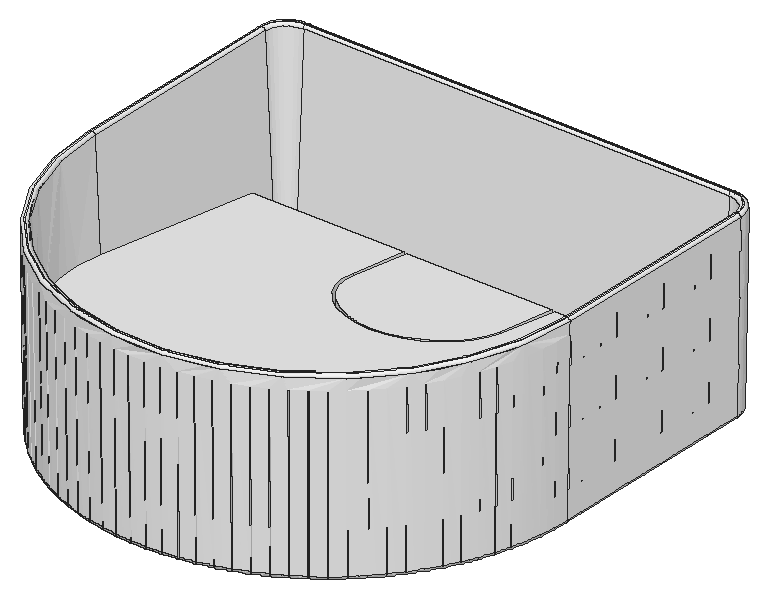
Revit family "Reece_Basin_LAUFEN_Sonar_Above Counter Basin_340 mm_Textured", category Plumbing Fixtures, host Face, Revit 2018
Family settings
  Host = Face
  Round Connector Dimension = Use Diameter
  Part Type = Normal
  Cut with Voids When Loaded = No
  Shared = Yes
  Room Calculation Point = Yes
Parameters
  WFU = 0  # constant formula
  URL = "https://www.reece.com.au/product/-9509855"
  Type Comments = "Basin"
  Reece_Waste_Outlet = 40 mm  # constant formula
  Reece_Product_Web Page = "https://www.reece.com.au/product/-9509855"
  Reece_Product_Type = "Basin"  # constant formula
  Reece_Product_Sub Brand = "Sonar"  # constant formula
  Reece_Product_Number = "9509855"
  Reece_Product_Mount = "Above Counter"
  Reece_Product_Description = "LAUFEN Sonar Textured Above Counter Basin 340mm x 340mm White"
  Reece_Product_Brand = "LAUFEN"  # constant formula
  Reece_Overall_Width = 340 mm  # constant formula
  Reece_Overall_Height = 140 mm  # constant formula
  Reece_Overall_Depth = 340 mm  # constant formula
  Reece_Overall_Capacity = 7.80 L  # constant formula
  Reece_Material-Main = Reece_SaphirKeramik_White
  Reece_Detail_Installation = "Countertop"  # constant formula
  Reece_Detail_Disclaimer = "THIS FILE IS THE PROPERTY OF THE REECE GROUP. IT MAY NOT BE REPRODUCED, REVERSE-ENGINEERED OR MODIFIED. ANY REPUBLICATION, TRANSMISSION OR DISTRIBUTION FOR THE PURPOSE OF COMMERCIALLY EXPLOITING THE FILES IS PROHIBITED."  # constant formula
  Reece_Detail_Connector = "No Taphole"  # constant formula
  Reece_Detail_Additional = "Above Counter Basin"  # constant formula
  Model = "Sonar"
  Manufacturer = "LAUFEN"
  Keynote = "Product #9509855, Reece_Basin_LAUFEN_Sonar_Above Counter Basin_340 mm_Textured -  "
  HWFU = 0  # constant formula
  Disclaimer = "THIS FILE IS THE PROPERTY OF THE REECE GROUP. IT MAY NOT BE REPRODUCED, REVERSE-ENGINEERED OR MODIFIED. ANY REPUBLICATION, TRANSMISSION OR DISTRIBUTION FOR THE PURPOSE OF COMMERCIALLY EXPLOITING THE FILES IS PROHIBITED."  # constant formula
  Description = "LAUFEN Sonar Textured Above Counter Basin 340mm x 340mm White"
  Default Elevation = 1000 mm
  CWFU = 0  # constant formula
Reference planes
  plane 1 "Center (Front/Back)": y = -88.392
  plane 2 "Bottom": z = 0
  plane 3 "Center (Left/Right)": x = 0
  plane 4 "Top": z = 130
  plane 5: y = 81.608
  plane 6: x = 170
  plane 7: x = -170
  plane 8: y = -258.392
  plane 9 "Center L/U": z = -10
  plane 10 "w": y = 1.608
  plane 11: z = 10
  plane 12: y = 78.608
  plane 13: y = 84.608
Forms (mm)
  Extrusion 1, void
    sketch origin (0, 0, 0) x (1, 0, 0) y (0, 1, 0)
      loop
        line (-165.478, 44.264) -> (-165.478, -89.343)
        arc (-165.478, -89.343) -> (0.592, -255.413) -> (166.662, -89.343) r 166.07
        line (166.662, -89.343) -> (166.662, 44.264) -> (-165.478, 44.264)
      loop
        line (-204.939, 81.608) -> (-204.939, -274.275) -> (208.625, -274.275) -> (208.625, 81.608) -> (-204.939, 81.608)
    from 0 to 135.562
  Extrusion 2, void
    sketch origin (0, 0.312, 0) x (1, 0, 0) y (0, 1, 0)
      loop
        circle (0.018, 0.823) r 23.022
      loop
        circle (0.018, 0.823) r 20.5
      loop
        circle (0, 1.295) r 32.846
    from 0 to -10
  Extrusion 3, void
    sketch origin (0, 0, 0) x (1, 0, 0) y (0, 1, 0)
      loop
        line (-53.133, 45.944) -> (-53.133, -1.172)
        arc (-53.133, -1.172) -> (-37.573, -38.73) -> (-0.01, -54.278) r 53.106
        arc (-0.01, -54.278) -> (37.521, -38.716) -> (53.065, -1.178) r 53.1
        line (53.065, -1.178) -> (53.065, 45.93)
        arc (53.065, 45.93) -> (52.488, 47.343) -> (51.088, 47.949) r 2.02
        line (51.088, 47.949) -> (51.088, -1.107)
        arc (51.088, -1.107) -> (36.126, -37.239) -> (0, -52.215) r 51.108
        arc (0, -52.215) -> (-36.152, -37.253) -> (-51.128, -1.107) r 51.108
        line (-51.128, -1.107) -> (-51.128, 47.949)
        arc (-51.128, 47.949) -> (-52.546, 47.362) -> (-53.133, 45.944) r 2.005
    from 31.925 to 68.592
  Revolve 4, solid, material "Reece_SaphirKeramik_White" <- "Reece_Material-Main"
    sketch origin (0, 0.58, -6.25) x (0, 1, 0) y (0, 0, 1)
      loop
        line (1.028, -3.75) -> (1.028, 16.267) -> (-38.08, 16.267) -> (-22.466, -3.75) -> (1.028, -3.75)
      axis (1.028, 16.267) -> (1.028, -3.75)
    angle from 0 to 360
  Revolve 5, void
    sketch origin (0, 0, 0) x (0, 1, 0) y (0, 0, 1)
      loop
        line (21.608, -10) -> (21.608, 31.925) -> (1.608, 31.925) -> (1.608, -10) -> (21.608, -10)
      axis (1.608, 31.925) -> (1.608, -10)
    angle from 0 to 360
  Extrusion 6, void
    sketch origin (0, 0, 0) x (0, 1, 0) y (0, 0, 1)
      loop
        line (-54.278, 31.925) -> (48.263, 31.925) -> (48.263, 33.925) -> (-54.278, 33.925) -> (-54.278, 31.925)
    from -53.133 to 53.065
  Extrusion 7, solid, material "Reece_SaphirKeramik_White" <- "Reece_Material-Main"
    sketch origin (0, 0, 0) x (1, 0, 0) y (0, 1, 0)
      loop
        line (-160.099, 70.582) -> (-161.245, -88.335)
        arc (-161.245, -88.335) -> (0, -249.58) -> (161.245, -88.335) r 161.245
        line (161.245, -88.335) -> (160.075, 70.582) -> (-160.099, 70.582)
    from 0 to 10
  Extrusion 8, solid, material "Reece_SaphirKeramik_White" <- "Reece_Material-Main"
    sketch origin (0, 0, 0) x (0, 1, 0) y (0, 0, 1)
      loop
        line (-256.615, 77.843) -> (-253.072, 10.234)
        arc (-253.072, 10.234) -> (-251.358, 6.517) -> (-247.557, 5) r 5.523
        line (-247.557, 5) -> (76.608, 5) -> (76.608, 31.011) -> (-256.615, 77.843)
    from -193.457 to 196.178
  Extrusion 9, void
    sketch origin (-1.084, 119.41, 0) x (1, 0, 0) y (0, 1, 0)
      loop
        line (-172.629, -57.325) -> (-166.449, -57.325) -> (-166.449, -56.525) -> (-172.629, -56.525) -> (-172.629, -57.325)
    from 0 to 120
  Extrusion 10, void
    sketch origin (86.989, -121.46, 0) x (-0.003367, -0.999994, 0) y (0.999994, -0.003367, 0)
      loop
        line (-206.263, 57.317) -> (-206.26, 56.517) -> (-200.26, 56.537) -> (-200.263, 57.337) -> (-206.263, 57.317)
    from 0 to 120
  Extrusion 11, void
    sketch origin (5.433, -2.138, 0) x (-0.707107, -0.707107, 0) y (0.707107, -0.707107, 0)
      loop
        line (-169.234, 57.325) -> (-169.234, 56.525) -> (-163.038, 56.525) -> (-163.038, 57.325) -> (-169.234, 57.325)
    from 0 to 120
  Extrusion 12, void
    sketch origin (-45.166, -145.317, 0) x (-1, 0, 0) y (0, -1, 0)
      loop
        line (-216.514, -57.325) -> (-212.218, -57.325) -> (-212.218, -56.525) -> (-216.514, -56.525) -> (-216.514, -57.325)
    from 0 to 120
  Revolve 13, void
    sketch origin (0, 1.608, 0) x (1, 0, 0) y (0, 0, 1)
      loop
        line (0, 0) -> (0, -100) -> (40, -100) -> (40, 0) -> (0, 0)
      axis (0, -100) -> (0, 0)
    angle from 0 to 360
  Sweep 14, solid, material "Reece_SaphirKeramik_White" <- "Reece_Material-Main"
    path origin (0, 0, 0) x (1, 0, 0) y (0, 1, 0)
      loop
        arc (170, 61.608) -> (164.142, 75.75) -> (150, 81.608) r 20
        line (150, 81.608) -> (-150, 81.608)
        arc (-150, 81.608) -> (-164.142, 75.75) -> (-170, 61.608) r 20
        line (-170, 61.608) -> (-170, -88.297)
        arc (-170, -88.297) -> (0, -258.297) -> (170, -88.297) r 170
        line (170, -88.297) -> (170, 61.608)
    profile origin (170, -13.345, 0) x (1, 0, 0) y (0, 0, 1)
      loop
        arc (0, 127.965) -> (-0.573, 129.402) -> (-2, 130) r 2
        line (-2, 130) -> (-2.886, 130)
        arc (-2.886, 130) -> (-4.262, 129.451) -> (-4.883, 128.105) r 2
        line (-4.883, 128.105) -> (-10.822, 14.738)
        arc (-10.822, 14.738) -> (-12.374, 11.373) -> (-15.816, 10) r 5
        line (-15.816, 10) -> (-17.634, 10) -> (-17.634, 0) -> (-4.198, 0)
        arc (-4.198, 0) -> (-2.796, 0.574) -> (-2.199, 1.965) r 2
        line (-2.199, 1.965) -> (0, 127.965)
  Extrusion 15, void
    sketch origin (45.166, -31.467, 0) x (1, 0, 0) y (0, 1, 0)
      loop
        line (-216.514, -57.325) -> (-212.218, -57.325) -> (-212.218, -56.525) -> (-216.514, -56.525) -> (-216.514, -57.325)
    from 0 to 120
  Extrusion 16, void
    sketch origin (-48.72, -142.307, 0) x (-0.997945, 0.06407, 0) y (-0.06407, -0.997945, 0)
      loop
        line (-216.514, -57.325) -> (-212.218, -57.325) -> (-212.218, -56.525) -> (-216.514, -56.525) -> (-216.514, -57.325)
    from 0 to 120
  Extrusion 17, void
    sketch origin (-52.075, -139.074, 0) x (-0.99179, 0.127877, 0) y (-0.127877, -0.99179, 0)
      loop
        line (-216.514, -57.325) -> (-212.218, -57.325) -> (-212.218, -56.525) -> (-216.514, -56.525) -> (-216.514, -57.325)
    from 0 to 120
  Extrusion 18, void
    sketch origin (-55.215, -135.634, 0) x (-0.981559, 0.191159, 0) y (-0.191159, -0.981559, 0)
      loop
        line (-216.514, -57.325) -> (-212.218, -57.325) -> (-212.218, -56.525) -> (-216.514, -56.525) -> (-216.514, -57.325)
    from 0 to 120
  Extrusion 19, void
    sketch origin (-58.128, -131.999, 0) x (-0.967295, 0.253655, 0) y (-0.253655, -0.967295, 0)
      loop
        line (-216.514, -57.325) -> (-212.218, -57.325) -> (-212.218, -56.525) -> (-216.514, -56.525) -> (-216.514, -57.325)
    from 0 to 120
  Extrusion 20, void
    sketch origin (-60.803, -128.185, 0) x (-0.949056, 0.315108, 0) y (-0.315108, -0.949056, 0)
      loop
        line (-216.514, -57.325) -> (-212.218, -57.325) -> (-212.218, -56.525) -> (-216.514, -56.525) -> (-216.514, -57.325)
    from 0 to 120
  Extrusion 21, void
    sketch origin (-63.227, -124.208, 0) x (-0.926917, 0.375267, 0) y (-0.375267, -0.926917, 0)
      loop
        line (-216.514, -57.325) -> (-212.218, -57.325) -> (-212.218, -56.525) -> (-216.514, -56.525) -> (-216.514, -57.325)
    from 0 to 120
  Extrusion 22, void
    sketch origin (-65.392, -120.083, 0) x (-0.900969, 0.433884, 0) y (-0.433884, -0.900969, 0)
      loop
        line (-216.514, -57.325) -> (-212.218, -57.325) -> (-212.218, -56.525) -> (-216.514, -56.525) -> (-216.514, -57.325)
    from 0 to 120
  Extrusion 23, void
    sketch origin (-67.288, -115.829, 0) x (-0.871319, 0.490718, 0) y (-0.490718, -0.871319, 0)
      loop
        line (-216.514, -57.325) -> (-212.218, -57.325) -> (-212.218, -56.525) -> (-216.514, -56.525) -> (-216.514, -57.325)
    from 0 to 120
  Extrusion 24, void
    sketch origin (-68.908, -111.461, 0) x (-0.838088, 0.545535, 0) y (-0.545535, -0.838088, 0)
      loop
        line (-216.514, -57.325) -> (-212.218, -57.325) -> (-212.218, -56.525) -> (-216.514, -56.525) -> (-216.514, -57.325)
    from 0 to 120
  Extrusion 25, void
    sketch origin (-70.244, -106.999, 0) x (-0.801414, 0.598111, 0) y (-0.598111, -0.801414, 0)
      loop
        line (-216.514, -57.325) -> (-212.218, -57.325) -> (-212.218, -56.525) -> (-216.514, -56.525) -> (-216.514, -57.325)
    from 0 to 120
  Extrusion 26, void
    sketch origin (-71.292, -102.46, 0) x (-0.761446, 0.648228, 0) y (-0.648228, -0.761446, 0)
      loop
        line (-216.514, -57.325) -> (-212.218, -57.325) -> (-212.218, -56.525) -> (-216.514, -56.525) -> (-216.514, -57.325)
    from 0 to 120
  Extrusion 27, void
    sketch origin (-72.047, -97.863, 0) x (-0.718349, 0.695683, 0) y (-0.695683, -0.718349, 0)
      loop
        line (-216.514, -57.325) -> (-212.218, -57.325) -> (-212.218, -56.525) -> (-216.514, -56.525) -> (-216.514, -57.325)
    from 0 to 120
  Extrusion 28, void
    sketch origin (-72.506, -93.228, 0) x (-0.672301, 0.740278, 0) y (-0.740278, -0.672301, 0)
      loop
        line (-216.514, -57.325) -> (-212.218, -57.325) -> (-212.218, -56.525) -> (-216.514, -56.525) -> (-216.514, -57.325)
    from 0 to 120
  Extrusion 29, void
    sketch origin (-72.667, -88.572, 0) x (-0.62349, 0.781831, 0) y (-0.781831, -0.62349, 0)
      loop
        line (-216.514, -57.325) -> (-212.218, -57.325) -> (-212.218, -56.525) -> (-216.514, -56.525) -> (-216.514, -57.325)
    from 0 to 120
  Extrusion 30, void
    sketch origin (-72.529, -83.916, 0) x (-0.572117, 0.820172, 0) y (-0.820172, -0.572117, 0)
      loop
        line (-216.514, -57.325) -> (-212.218, -57.325) -> (-212.218, -56.525) -> (-216.514, -56.525) -> (-216.514, -57.325)
    from 0 to 120
  Extrusion 31, void
    sketch origin (-72.093, -79.278, 0) x (-0.518393, 0.855143, 0) y (-0.855143, -0.518393, 0)
      loop
        line (-216.514, -57.325) -> (-212.218, -57.325) -> (-212.218, -56.525) -> (-216.514, -56.525) -> (-216.514, -57.325)
    from 0 to 120
  Extrusion 32, void
    sketch origin (-71.361, -74.678, 0) x (-0.462538, 0.886599, 0) y (-0.886599, -0.462538, 0)
      loop
        line (-216.514, -57.325) -> (-212.218, -57.325) -> (-212.218, -56.525) -> (-216.514, -56.525) -> (-216.514, -57.325)
    from 0 to 120
  Extrusion 33, void
    sketch origin (-70.336, -70.134, 0) x (-0.404783, 0.914413, 0) y (-0.914413, -0.404783, 0)
      loop
        line (-216.514, -57.325) -> (-212.218, -57.325) -> (-212.218, -56.525) -> (-216.514, -56.525) -> (-216.514, -57.325)
    from 0 to 120
  Extrusion 34, void
    sketch origin (-69.021, -65.665, 0) x (-0.345365, 0.938468, 0) y (-0.938468, -0.345365, 0)
      loop
        line (-216.514, -57.325) -> (-212.218, -57.325) -> (-212.218, -56.525) -> (-216.514, -56.525) -> (-216.514, -57.325)
    from 0 to 120
  Extrusion 35, void
    sketch origin (-67.424, -61.29, 0) x (-0.284528, 0.958668, 0) y (-0.958668, -0.284528, 0)
      loop
        line (-216.514, -57.325) -> (-212.218, -57.325) -> (-212.218, -56.525) -> (-216.514, -56.525) -> (-216.514, -57.325)
    from 0 to 120
  Extrusion 36, void
    sketch origin (-65.549, -57.026, 0) x (-0.222521, 0.974928, 0) y (-0.974928, -0.222521, 0)
      loop
        line (-216.514, -57.325) -> (-212.218, -57.325) -> (-212.218, -56.525) -> (-216.514, -56.525) -> (-216.514, -57.325)
    from 0 to 120
  Extrusion 37, void
    sketch origin (-63.404, -52.89, 0) x (-0.1596, 0.987182, 0) y (-0.987182, -0.1596, 0)
      loop
        line (-216.514, -57.325) -> (-212.218, -57.325) -> (-212.218, -56.525) -> (-216.514, -56.525) -> (-216.514, -57.325)
    from 0 to 120
  Extrusion 38, void
    sketch origin (-60.999, -48.901, 0) x (-0.096023, 0.995379, 0) y (-0.995379, -0.096023, 0)
      loop
        line (-216.514, -57.325) -> (-212.218, -57.325) -> (-212.218, -56.525) -> (-216.514, -56.525) -> (-216.514, -57.325)
    from 0 to 120
  Extrusion 39, void
    sketch origin (-58.344, -45.074, 0) x (-0.032052, 0.999486, 0) y (-0.999486, -0.032052, 0)
      loop
        line (-216.514, -57.325) -> (-212.218, -57.325) -> (-212.218, -56.525) -> (-216.514, -56.525) -> (-216.514, -57.325)
    from 0 to 120
  Extrusion 40, void
    sketch origin (-55.449, -41.425, 0) x (0.032052, 0.999486, 0) y (-0.999486, 0.032052, 0)
      loop
        line (-216.514, -57.325) -> (-212.218, -57.325) -> (-212.218, -56.525) -> (-216.514, -56.525) -> (-216.514, -57.325)
    from 0 to 120
  Extrusion 41, void
    sketch origin (-52.325, -37.969, 0) x (0.096023, 0.995379, 0) y (-0.995379, 0.096023, 0)
      loop
        line (-216.514, -57.325) -> (-212.218, -57.325) -> (-212.218, -56.525) -> (-216.514, -56.525) -> (-216.514, -57.325)
    from 0 to 120
  Extrusion 42, void
    sketch origin (-48.987, -34.72, 0) x (0.1596, 0.987182, 0) y (-0.987182, 0.1596, 0)
      loop
        line (-216.514, -57.325) -> (-212.218, -57.325) -> (-212.218, -56.525) -> (-216.514, -56.525) -> (-216.514, -57.325)
    from 0 to 120
  Extrusion 43, void
    sketch origin (-45.448, -31.691, 0) x (0.222521, 0.974928, 0) y (-0.974928, 0.222521, 0)
      loop
        line (-216.514, -57.325) -> (-212.218, -57.325) -> (-212.218, -56.525) -> (-216.514, -56.525) -> (-216.514, -57.325)
    from 0 to 120
  Extrusion 44, void
    sketch origin (-41.722, -28.896, 0) x (0.284528, 0.958668, 0) y (-0.958668, 0.284528, 0)
      loop
        line (-216.514, -57.325) -> (-212.218, -57.325) -> (-212.218, -56.525) -> (-216.514, -56.525) -> (-216.514, -57.325)
    from 0 to 120
  Extrusion 45, void
    sketch origin (-37.824, -26.345, 0) x (0.345365, 0.938468, 0) y (-0.938468, 0.345365, 0)
      loop
        line (-216.514, -57.325) -> (-212.218, -57.325) -> (-212.218, -56.525) -> (-216.514, -56.525) -> (-216.514, -57.325)
    from 0 to 120
  Extrusion 46, void
    sketch origin (-33.771, -24.049, 0) x (0.404783, 0.914413, 0) y (-0.914413, 0.404783, 0)
      loop
        line (-216.514, -57.325) -> (-212.218, -57.325) -> (-212.218, -56.525) -> (-216.514, -56.525) -> (-216.514, -57.325)
    from 0 to 120
  Extrusion 47, void
    sketch origin (-29.579, -22.018, 0) x (0.462538, 0.886599, 0) y (-0.886599, 0.462538, 0)
      loop
        line (-216.514, -57.325) -> (-212.218, -57.325) -> (-212.218, -56.525) -> (-216.514, -56.525) -> (-216.514, -57.325)
    from 0 to 120
  Extrusion 48, void
    sketch origin (-25.266, -20.259, 0) x (0.518393, 0.855143, 0) y (-0.855143, 0.518393, 0)
      loop
        line (-216.514, -57.325) -> (-212.218, -57.325) -> (-212.218, -56.525) -> (-216.514, -56.525) -> (-216.514, -57.325)
    from 0 to 120
  Extrusion 49, void
    sketch origin (-20.849, -18.78, 0) x (0.572117, 0.820172, 0) y (-0.820172, 0.572117, 0)
      loop
        line (-216.514, -57.325) -> (-212.218, -57.325) -> (-212.218, -56.525) -> (-216.514, -56.525) -> (-216.514, -57.325)
    from 0 to 120
  Extrusion 50, void
    sketch origin (-16.346, -17.588, 0) x (0.62349, 0.781831, 0) y (-0.781831, 0.62349, 0)
      loop
        line (-216.514, -57.325) -> (-212.218, -57.325) -> (-212.218, -56.525) -> (-216.514, -56.525) -> (-216.514, -57.325)
    from 0 to 120
  Extrusion 51, void
    sketch origin (-11.776, -16.686, 0) x (0.672301, 0.740278, 0) y (-0.740278, 0.672301, 0)
      loop
        line (-216.514, -57.325) -> (-212.218, -57.325) -> (-212.218, -56.525) -> (-216.514, -56.525) -> (-216.514, -57.325)
    from 0 to 120
  Extrusion 52, void
    sketch origin (-7.157, -16.079, 0) x (0.718349, 0.695683, 0) y (-0.695683, 0.718349, 0)
      loop
        line (-216.514, -57.325) -> (-212.218, -57.325) -> (-212.218, -56.525) -> (-216.514, -56.525) -> (-216.514, -57.325)
    from 0 to 120
  Extrusion 53, void
    sketch origin (-2.509, -15.769, 0) x (0.761446, 0.648228, 0) y (-0.648228, 0.761446, 0)
      loop
        line (-216.514, -57.325) -> (-212.218, -57.325) -> (-212.218, -56.525) -> (-216.514, -56.525) -> (-216.514, -57.325)
    from 0 to 120
  Extrusion 54, void
    sketch origin (2.149, -15.757, 0) x (0.801414, 0.598111, 0) y (-0.598111, 0.801414, 0)
      loop
        line (-216.514, -57.325) -> (-212.218, -57.325) -> (-212.218, -56.525) -> (-216.514, -56.525) -> (-216.514, -57.325)
    from 0 to 120
  Extrusion 55, void
    sketch origin (6.798, -16.044, 0) x (0.838088, 0.545535, 0) y (-0.545535, 0.838088, 0)
      loop
        line (-216.514, -57.325) -> (-212.218, -57.325) -> (-212.218, -56.525) -> (-216.514, -56.525) -> (-216.514, -57.325)
    from 0 to 120
  Extrusion 56, void
    sketch origin (11.42, -16.628, 0) x (0.871319, 0.490718, 0) y (-0.490718, 0.871319, 0)
      loop
        line (-216.514, -57.325) -> (-212.218, -57.325) -> (-212.218, -56.525) -> (-216.514, -56.525) -> (-216.514, -57.325)
    from 0 to 120
  Extrusion 57, void
    sketch origin (15.994, -17.507, 0) x (0.900969, 0.433884, 0) y (-0.433884, 0.900969, 0)
      loop
        line (-216.514, -57.325) -> (-212.218, -57.325) -> (-212.218, -56.525) -> (-216.514, -56.525) -> (-216.514, -57.325)
    from 0 to 120
  Extrusion 58, void
    sketch origin (20.503, -18.678, 0) x (0.926917, 0.375267, 0) y (-0.375267, 0.926917, 0)
      loop
        line (-216.514, -57.325) -> (-212.218, -57.325) -> (-212.218, -56.525) -> (-216.514, -56.525) -> (-216.514, -57.325)
    from 0 to 120
  Extrusion 59, void
    sketch origin (24.927, -20.134, 0) x (0.949056, 0.315108, 0) y (-0.315108, 0.949056, 0)
      loop
        line (-216.514, -57.325) -> (-212.218, -57.325) -> (-212.218, -56.525) -> (-216.514, -56.525) -> (-216.514, -57.325)
    from 0 to 120
  Extrusion 60, void
    sketch origin (29.249, -21.872, 0) x (0.967295, 0.253655, 0) y (-0.253655, 0.967295, 0)
      loop
        line (-216.514, -57.325) -> (-212.218, -57.325) -> (-212.218, -56.525) -> (-216.514, -56.525) -> (-216.514, -57.325)
    from 0 to 120
  Extrusion 61, void
    sketch origin (33.451, -23.883, 0) x (0.981559, 0.191159, 0) y (-0.191159, 0.981559, 0)
      loop
        line (-216.514, -57.325) -> (-212.218, -57.325) -> (-212.218, -56.525) -> (-216.514, -56.525) -> (-216.514, -57.325)
    from 0 to 120
  Extrusion 62, void
    sketch origin (37.516, -26.158, 0) x (0.99179, 0.127877, 0) y (-0.127877, 0.99179, 0)
      loop
        line (-216.514, -57.325) -> (-212.218, -57.325) -> (-212.218, -56.525) -> (-216.514, -56.525) -> (-216.514, -57.325)
    from 0 to 120
  Extrusion 63, void
    sketch origin (41.426, -28.69, 0) x (0.997945, 0.06407, 0) y (-0.06407, 0.997945, 0)
      loop
        line (-216.514, -57.325) -> (-212.218, -57.325) -> (-212.218, -56.525) -> (-216.514, -56.525) -> (-216.514, -57.325)
    from 0 to 120
  Extrusion 64, void
    sketch origin (-202.211, -121.46, 0) x (-0.003367, -0.999994, 0) y (0.999994, -0.003367, 0)
      loop
        line (-206.263, 57.317) -> (-206.26, 56.517) -> (-200.26, 56.537) -> (-200.263, 57.337) -> (-206.263, 57.317)
    from 0 to 120
  Extrusion 65, void
    sketch origin (72.529, -121.46, 0) x (-0.003367, -0.999994, 0) y (0.999994, -0.003367, 0)
      loop
        line (-206.263, 57.317) -> (-206.26, 56.517) -> (-200.26, 56.537) -> (-200.263, 57.337) -> (-206.263, 57.317)
    from 0 to 120
  Extrusion 66, void
    sketch origin (58.069, -121.46, 0) x (-0.003367, -0.999994, 0) y (0.999994, -0.003367, 0)
      loop
        line (-206.263, 57.317) -> (-206.26, 56.517) -> (-200.26, 56.537) -> (-200.263, 57.337) -> (-206.263, 57.317)
    from 0 to 120
  Extrusion 67, void
    sketch origin (43.609, -121.46, 0) x (-0.003367, -0.999994, 0) y (0.999994, -0.003367, 0)
      loop
        line (-206.263, 57.317) -> (-206.26, 56.517) -> (-200.26, 56.537) -> (-200.263, 57.337) -> (-206.263, 57.317)
    from 0 to 120
  Extrusion 68, void
    sketch origin (29.149, -121.46, 0) x (-0.003367, -0.999994, 0) y (0.999994, -0.003367, 0)
      loop
        line (-206.263, 57.317) -> (-206.26, 56.517) -> (-200.26, 56.537) -> (-200.263, 57.337) -> (-206.263, 57.317)
    from 0 to 120
  Extrusion 69, void
    sketch origin (14.689, -121.46, 0) x (-0.003367, -0.999994, 0) y (0.999994, -0.003367, 0)
      loop
        line (-206.263, 57.317) -> (-206.26, 56.517) -> (-200.26, 56.537) -> (-200.263, 57.337) -> (-206.263, 57.317)
    from 0 to 120
  Extrusion 70, void
    sketch origin (0.229, -121.46, 0) x (-0.003367, -0.999994, 0) y (0.999994, -0.003367, 0)
      loop
        line (-206.263, 57.317) -> (-206.26, 56.517) -> (-200.26, 56.537) -> (-200.263, 57.337) -> (-206.263, 57.317)
    from 0 to 120
  Extrusion 71, void
    sketch origin (-14.231, -121.46, 0) x (-0.003367, -0.999994, 0) y (0.999994, -0.003367, 0)
      loop
        line (-206.263, 57.317) -> (-206.26, 56.517) -> (-200.26, 56.537) -> (-200.263, 57.337) -> (-206.263, 57.317)
    from 0 to 120
  Extrusion 72, void
    sketch origin (-28.691, -121.46, 0) x (-0.003367, -0.999994, 0) y (0.999994, -0.003367, 0)
      loop
        line (-206.263, 57.317) -> (-206.26, 56.517) -> (-200.26, 56.537) -> (-200.263, 57.337) -> (-206.263, 57.317)
    from 0 to 120
  Extrusion 73, void
    sketch origin (-43.151, -121.46, 0) x (-0.003367, -0.999994, 0) y (0.999994, -0.003367, 0)
      loop
        line (-206.263, 57.317) -> (-206.26, 56.517) -> (-200.26, 56.537) -> (-200.263, 57.337) -> (-206.263, 57.317)
    from 0 to 120
  Extrusion 74, void
    sketch origin (-57.611, -121.46, 0) x (-0.003367, -0.999994, 0) y (0.999994, -0.003367, 0)
      loop
        line (-206.263, 57.317) -> (-206.26, 56.517) -> (-200.26, 56.537) -> (-200.263, 57.337) -> (-206.263, 57.317)
    from 0 to 120
  Extrusion 75, void
    sketch origin (-72.071, -121.46, 0) x (-0.003367, -0.999994, 0) y (0.999994, -0.003367, 0)
      loop
        line (-206.263, 57.317) -> (-206.26, 56.517) -> (-200.26, 56.537) -> (-200.263, 57.337) -> (-206.263, 57.317)
    from 0 to 120
  Extrusion 76, void
    sketch origin (-86.531, -121.46, 0) x (-0.003367, -0.999994, 0) y (0.999994, -0.003367, 0)
      loop
        line (-206.263, 57.317) -> (-206.26, 56.517) -> (-200.26, 56.537) -> (-200.263, 57.337) -> (-206.263, 57.317)
    from 0 to 120
  Extrusion 77, void
    sketch origin (-100.991, -121.46, 0) x (-0.003367, -0.999994, 0) y (0.999994, -0.003367, 0)
      loop
        line (-206.263, 57.317) -> (-206.26, 56.517) -> (-200.26, 56.537) -> (-200.263, 57.337) -> (-206.263, 57.317)
    from 0 to 120
  Extrusion 78, void
    sketch origin (-115.451, -121.46, 0) x (-0.003367, -0.999994, 0) y (0.999994, -0.003367, 0)
      loop
        line (-206.263, 57.317) -> (-206.26, 56.517) -> (-200.26, 56.537) -> (-200.263, 57.337) -> (-206.263, 57.317)
    from 0 to 120
  Extrusion 79, void
    sketch origin (-129.911, -121.46, 0) x (-0.003367, -0.999994, 0) y (0.999994, -0.003367, 0)
      loop
        line (-206.263, 57.317) -> (-206.26, 56.517) -> (-200.26, 56.537) -> (-200.263, 57.337) -> (-206.263, 57.317)
    from 0 to 120
  Extrusion 80, void
    sketch origin (-144.371, -121.46, 0) x (-0.003367, -0.999994, 0) y (0.999994, -0.003367, 0)
      loop
        line (-206.263, 57.317) -> (-206.26, 56.517) -> (-200.26, 56.537) -> (-200.263, 57.337) -> (-206.263, 57.317)
    from 0 to 120
  Extrusion 81, void
    sketch origin (-158.831, -121.46, 0) x (-0.003367, -0.999994, 0) y (0.999994, -0.003367, 0)
      loop
        line (-206.263, 57.317) -> (-206.26, 56.517) -> (-200.26, 56.537) -> (-200.263, 57.337) -> (-206.263, 57.317)
    from 0 to 120
  Extrusion 82, void
    sketch origin (-173.291, -121.46, 0) x (-0.003367, -0.999994, 0) y (0.999994, -0.003367, 0)
      loop
        line (-206.263, 57.317) -> (-206.26, 56.517) -> (-200.26, 56.537) -> (-200.263, 57.337) -> (-206.263, 57.317)
    from 0 to 120
  Extrusion 83, void
    sketch origin (-187.751, -121.46, 0) x (-0.003367, -0.999994, 0) y (0.999994, -0.003367, 0)
      loop
        line (-206.263, 57.317) -> (-206.26, 56.517) -> (-200.26, 56.537) -> (-200.263, 57.337) -> (-206.263, 57.317)
    from 0 to 120
  Extrusion 84, void
    sketch origin (-5.433, -2.138, 0) x (0.707107, -0.707107, 0) y (0.707107, 0.707107, 0)
      loop
        line (-169.234, -57.325) -> (-163.038, -57.325) -> (-163.038, -56.525) -> (-169.234, -56.525) -> (-169.234, -57.325)
    from 0 to 120
  Extrusion 85, void
    sketch origin (-1.084, -18.569, 0) x (1, 0, 0) y (0, 1, 0)
      loop
        line (-172.629, -57.325) -> (-166.449, -57.325) -> (-166.449, -56.525) -> (-172.629, -56.525) -> (-172.629, -57.325)
    from 0 to 120
  Extrusion 86, void
    sketch origin (-1.084, 105.612, 0) x (1, 0, 0) y (0, 1, 0)
      loop
        line (-172.629, -57.325) -> (-166.449, -57.325) -> (-166.449, -56.525) -> (-172.629, -56.525) -> (-172.629, -57.325)
    from 0 to 120
  Extrusion 87, void
    sketch origin (-1.084, 91.814, 0) x (1, 0, 0) y (0, 1, 0)
      loop
        line (-172.629, -57.325) -> (-166.449, -57.325) -> (-166.449, -56.525) -> (-172.629, -56.525) -> (-172.629, -57.325)
    from 0 to 120
  Extrusion 88, void
    sketch origin (-1.084, 78.017, 0) x (1, 0, 0) y (0, 1, 0)
      loop
        line (-172.629, -57.325) -> (-166.449, -57.325) -> (-166.449, -56.525) -> (-172.629, -56.525) -> (-172.629, -57.325)
    from 0 to 120
  Extrusion 89, void
    sketch origin (-1.084, 64.219, 0) x (1, 0, 0) y (0, 1, 0)
      loop
        line (-172.629, -57.325) -> (-166.449, -57.325) -> (-166.449, -56.525) -> (-172.629, -56.525) -> (-172.629, -57.325)
    from 0 to 120
  Extrusion 90, void
    sketch origin (-1.084, 50.421, 0) x (1, 0, 0) y (0, 1, 0)
      loop
        line (-172.629, -57.325) -> (-166.449, -57.325) -> (-166.449, -56.525) -> (-172.629, -56.525) -> (-172.629, -57.325)
    from 0 to 120
  Extrusion 91, void
    sketch origin (-1.084, 36.623, 0) x (1, 0, 0) y (0, 1, 0)
      loop
        line (-172.629, -57.325) -> (-166.449, -57.325) -> (-166.449, -56.525) -> (-172.629, -56.525) -> (-172.629, -57.325)
    from 0 to 120
  Extrusion 92, void
    sketch origin (-1.084, 22.825, 0) x (1, 0, 0) y (0, 1, 0)
      loop
        line (-172.629, -57.325) -> (-166.449, -57.325) -> (-166.449, -56.525) -> (-172.629, -56.525) -> (-172.629, -57.325)
    from 0 to 120
  Extrusion 93, void
    sketch origin (-1.084, 9.027, 0) x (1, 0, 0) y (0, 1, 0)
      loop
        line (-172.629, -57.325) -> (-166.449, -57.325) -> (-166.449, -56.525) -> (-172.629, -56.525) -> (-172.629, -57.325)
    from 0 to 120
  Extrusion 94, void
    sketch origin (-1.084, -4.771, 0) x (1, 0, 0) y (0, 1, 0)
      loop
        line (-172.629, -57.325) -> (-166.449, -57.325) -> (-166.449, -56.525) -> (-172.629, -56.525) -> (-172.629, -57.325)
    from 0 to 120
  Extrusion 95, void
    sketch origin (1.084, 128.952, 0) x (-1, 0, 0) y (0, -1, 0)
      loop
        line (-172.629, 66.867) -> (-172.629, 66.067) -> (-166.449, 66.067) -> (-166.449, 66.867) -> (-172.629, 66.867)
    from 0 to 120
  Extrusion 96, void
    sketch origin (1.084, -9.027, 0) x (-1, 0, 0) y (0, -1, 0)
      loop
        line (-172.629, 66.867) -> (-172.629, 66.067) -> (-166.449, 66.067) -> (-166.449, 66.867) -> (-172.629, 66.867)
    from 0 to 120
  Extrusion 97, void
    sketch origin (1.084, 115.154, 0) x (-1, 0, 0) y (0, -1, 0)
      loop
        line (-172.629, 66.867) -> (-172.629, 66.067) -> (-166.449, 66.067) -> (-166.449, 66.867) -> (-172.629, 66.867)
    from 0 to 120
  Extrusion 98, void
    sketch origin (1.084, 101.356, 0) x (-1, 0, 0) y (0, -1, 0)
      loop
        line (-172.629, 66.867) -> (-172.629, 66.067) -> (-166.449, 66.067) -> (-166.449, 66.867) -> (-172.629, 66.867)
    from 0 to 120
  Extrusion 99, void
    sketch origin (1.084, 87.558, 0) x (-1, 0, 0) y (0, -1, 0)
      loop
        line (-172.629, 66.867) -> (-172.629, 66.067) -> (-166.449, 66.067) -> (-166.449, 66.867) -> (-172.629, 66.867)
    from 0 to 120
  Extrusion 100, void
    sketch origin (1.084, 73.76, 0) x (-1, 0, 0) y (0, -1, 0)
      loop
        line (-172.629, 66.867) -> (-172.629, 66.067) -> (-166.449, 66.067) -> (-166.449, 66.867) -> (-172.629, 66.867)
    from 0 to 120
  Extrusion 101, void
    sketch origin (1.084, 59.962, 0) x (-1, 0, 0) y (0, -1, 0)
      loop
        line (-172.629, 66.867) -> (-172.629, 66.067) -> (-166.449, 66.067) -> (-166.449, 66.867) -> (-172.629, 66.867)
    from 0 to 120
  Extrusion 102, void
    sketch origin (1.084, 46.164, 0) x (-1, 0, 0) y (0, -1, 0)
      loop
        line (-172.629, 66.867) -> (-172.629, 66.067) -> (-166.449, 66.067) -> (-166.449, 66.867) -> (-172.629, 66.867)
    from 0 to 120
  Extrusion 103, void
    sketch origin (1.084, 32.366, 0) x (-1, 0, 0) y (0, -1, 0)
      loop
        line (-172.629, 66.867) -> (-172.629, 66.067) -> (-166.449, 66.067) -> (-166.449, 66.867) -> (-172.629, 66.867)
    from 0 to 120
  Extrusion 104, void
    sketch origin (1.084, 18.569, 0) x (-1, 0, 0) y (0, -1, 0)
      loop
        line (-172.629, 66.867) -> (-172.629, 66.067) -> (-166.449, 66.067) -> (-166.449, 66.867) -> (-172.629, 66.867)
    from 0 to 120
  Extrusion 105, void
    sketch origin (1.084, 4.771, 0) x (-1, 0, 0) y (0, -1, 0)
      loop
        line (-172.629, 66.867) -> (-172.629, 66.067) -> (-166.449, 66.067) -> (-166.449, 66.867) -> (-172.629, 66.867)
    from 0 to 120
Cuts and joins
  Revolve 5, Extrusion 11, Extrusion 12, Extrusion 15, Extrusion 16, Extrusion 17, Extrusion 18, Extrusion 19, Extrusion 20, Extrusion 21, Extrusion 22, Extrusion 23, Extrusion 24, Extrusion 25, Extrusion 26, Extrusion 27, Extrusion 28, Extrusion 29, Extrusion 30, Extrusion 31, Extrusion 32, Extrusion 33, Extrusion 34, Extrusion 35, Extrusion 36, Extrusion 37, Extrusion 38, Extrusion 39, Extrusion 40, Extrusion 41, Extrusion 42, Extrusion 43, Extrusion 44, Extrusion 45, Extrusion 46, Extrusion 47, Extrusion 48, Extrusion 49, Extrusion 50, Extrusion 51, Extrusion 52, Extrusion 53, Extrusion 54, Extrusion 55, Extrusion 56, Extrusion 57, Extrusion 58, Extrusion 59, Extrusion 60, Extrusion 61, Extrusion 62, Extrusion 63, Extrusion 64, Extrusion 65, Extrusion 66, Extrusion 67, Extrusion 68, Extrusion 69, Extrusion 70, Extrusion 71, Extrusion 72, Extrusion 73, Extrusion 74, Extrusion 75, Extrusion 76, Extrusion 77, Extrusion 78, Extrusion 79, Extrusion 80, Extrusion 81, Extrusion 82, Extrusion 83, Extrusion 84, Extrusion 85, Extrusion 86, Extrusion 87, Extrusion 88, Extrusion 89, Extrusion 90, Extrusion 91, Extrusion 92, Extrusion 93, Extrusion 94, Extrusion 95, Extrusion 96, Extrusion 97, Extrusion 98, Extrusion 99, Extrusion 100, Extrusion 101, Extrusion 102, Extrusion 103, Extrusion 104, Extrusion 105 cuts Revolve 4
  Extrusion 11, Extrusion 12, Extrusion 15, Extrusion 16, Extrusion 17, Extrusion 18, Extrusion 19, Extrusion 20, Extrusion 21, Extrusion 22, Extrusion 23, Extrusion 24, Extrusion 25, Extrusion 26, Extrusion 27, Extrusion 28, Extrusion 29, Extrusion 30, Extrusion 31, Extrusion 32, Extrusion 33, Extrusion 34, Extrusion 35, Extrusion 36, Extrusion 37, Extrusion 38, Extrusion 39, Extrusion 40, Extrusion 41, Extrusion 42, Extrusion 43, Extrusion 44, Extrusion 45, Extrusion 46, Extrusion 47, Extrusion 48, Extrusion 49, Extrusion 50, Extrusion 51, Extrusion 52, Extrusion 53, Extrusion 54, Extrusion 55, Extrusion 56, Extrusion 57, Extrusion 58, Extrusion 59, Extrusion 60, Extrusion 61, Extrusion 62, Extrusion 63, Extrusion 64, Extrusion 65, Extrusion 66, Extrusion 67, Extrusion 68, Extrusion 69, Extrusion 70, Extrusion 71, Extrusion 72, Extrusion 73, Extrusion 74, Extrusion 75, Extrusion 76, Extrusion 77, Extrusion 78, Extrusion 79, Extrusion 80, Extrusion 81, Extrusion 82, Extrusion 83, Extrusion 84, Extrusion 85, Extrusion 86, Extrusion 87, Extrusion 88, Extrusion 89, Extrusion 90, Extrusion 91, Extrusion 92, Extrusion 93, Extrusion 94, Extrusion 95, Extrusion 96, Extrusion 97, Extrusion 98, Extrusion 99, Extrusion 100, Extrusion 101, Extrusion 102, Extrusion 103, Extrusion 104, Extrusion 105 cuts Extrusion 7
  Extrusion 1, Extrusion 3, Extrusion 6, Extrusion 11, Extrusion 12, Extrusion 15, Extrusion 16, Extrusion 17, Extrusion 18, Extrusion 19, Extrusion 20, Extrusion 21, Extrusion 22, Extrusion 23, Extrusion 24, Extrusion 25, Extrusion 26, Extrusion 27, Extrusion 28, Extrusion 29, Extrusion 30, Extrusion 31, Extrusion 32, Extrusion 33, Extrusion 34, Extrusion 35, Extrusion 36, Extrusion 37, Extrusion 38, Extrusion 39, Extrusion 40, Extrusion 41, Extrusion 42, Extrusion 43, Extrusion 44, Extrusion 45, Extrusion 46, Extrusion 47, Extrusion 48, Extrusion 49, Extrusion 50, Extrusion 51, Extrusion 52, Extrusion 53, Extrusion 54, Extrusion 55, Extrusion 56, Extrusion 57, Extrusion 58, Extrusion 59, Extrusion 60, Extrusion 61, Extrusion 62, Extrusion 63, Extrusion 64, Extrusion 65, Extrusion 66, Extrusion 67, Extrusion 68, Extrusion 69, Extrusion 70, Extrusion 71, Extrusion 72, Extrusion 73, Extrusion 74, Extrusion 75, Extrusion 76, Extrusion 77, Extrusion 78, Extrusion 79, Extrusion 80, Extrusion 81, Extrusion 82, Extrusion 83, Extrusion 84, Extrusion 85, Extrusion 86, Extrusion 87, Extrusion 88, Extrusion 89, Extrusion 90, Extrusion 91, Extrusion 92, Extrusion 93, Extrusion 94, Extrusion 95, Extrusion 96, Extrusion 97, Extrusion 98, Extrusion 99, Extrusion 100, Extrusion 101, Extrusion 102, Extrusion 103, Extrusion 104, Extrusion 105 cuts Extrusion 8
  Extrusion 9, Extrusion 10, Extrusion 11, Extrusion 12, Extrusion 15, Extrusion 16, Extrusion 17, Extrusion 18, Extrusion 19, Extrusion 20, Extrusion 21, Extrusion 22, Extrusion 23, Extrusion 24, Extrusion 25, Extrusion 26, Extrusion 27, Extrusion 28, Extrusion 29, Extrusion 30, Extrusion 31, Extrusion 32, Extrusion 33, Extrusion 34, Extrusion 35, Extrusion 36, Extrusion 37, Extrusion 38, Extrusion 39, Extrusion 40, Extrusion 41, Extrusion 42, Extrusion 43, Extrusion 44, Extrusion 45, Extrusion 46, Extrusion 47, Extrusion 48, Extrusion 49, Extrusion 50, Extrusion 51, Extrusion 52, Extrusion 53, Extrusion 54, Extrusion 55, Extrusion 56, Extrusion 57, Extrusion 58, Extrusion 59, Extrusion 60, Extrusion 61, Extrusion 62, Extrusion 63, Extrusion 64, Extrusion 65, Extrusion 66, Extrusion 67, Extrusion 68, Extrusion 69, Extrusion 70, Extrusion 71, Extrusion 72, Extrusion 73, Extrusion 74, Extrusion 75, Extrusion 76, Extrusion 77, Extrusion 78, Extrusion 79, Extrusion 80, Extrusion 81, Extrusion 82, Extrusion 83, Extrusion 84, Extrusion 85, Extrusion 86, Extrusion 87, Extrusion 88, Extrusion 89, Extrusion 90, Extrusion 91, Extrusion 92, Extrusion 93, Extrusion 94, Extrusion 95, Extrusion 96, Extrusion 97, Extrusion 98, Extrusion 99, Extrusion 100, Extrusion 101, Extrusion 102, Extrusion 103, Extrusion 104, Extrusion 105 cuts Sweep 14
  joined: Revolve 4, Extrusion 7, Extrusion 8, Sweep 14
Text (mm)
  text "Reece Copyright © 2018, Reece Ltd." at (-20.815, -503.036, 0), in view "Ref. Level"
  text "Reece ©" at (44.384, 258.95, 192.345), in view "Reece Preview"
Dimensions and locks
  equal spacing: plane 7, plane 3 "Center (Left/Right)", plane 6
  "Reece_Overall_Width": plane 7 to plane 6
  "Reece_Overall_Depth": plane 5 to plane 8
  equal spacing: plane 5, plane 1 "Center (Front/Back)", plane 8
  "Reece_Overall_Height": plane 4 "Top" to plane 9 "Center L/U"
  plane 4 "Top" to plane 9 "Center L/U" = 140 mm  (x2)
  plane 4 "Top" to host face = 130 mm
  plane 5 to plane 8 = 340 mm
  plane 7 to plane 6 = 340 mm
  plane 5 to plane 10 "w" = 80 mm  (x2)
  plane 4 "Top" to level = 130 mm  (x2)
  plane 8 to plane 5 = 340 mm
  plane 10 "w" to plane 5 = 80 mm
  plane 6 to plane 7 = 340 mm
  level to plane 4 "Top" = 130 mm
  plane 4 "Top" to plane 11 = 120 mm
  equal spacing: group 52, group 71, group 70, group 69, group 68, group 67, group 66, group 65, group 64, group 63, group 62, group 61, group 60, group 59, group 58, group 57, group 56, group 55, group 54, group 53, group 51
  equal spacing: group 51, group 53, group 54, group 55, group 56, group 57, group 58, group 59, group 60, group 61, group 62, group 63, group 64, group 65, group 66, group 67, group 68, group 69, group 70, group 71, group 52  (x2)
  equal spacing: group 72, group 74, group 75, group 76, group 77, group 78, group 79, group 80, group 81, group 82, group 73  (x2)
  equal spacing: group 73, group 82, group 81, group 80, group 79, group 78, group 77, group 76, group 75, group 74, group 72
  aligned and locked: host face to plane 2 "Bottom"
  aligned and locked: level to host face
  aligned and locked: plane 13 to Extrusion 10
Automatic sketch dimensions
  Extrusion 10 sketch curve to Extrusion 10 sketch curve = 0.003 mm
  Extrusion 10 sketch curve to Extrusion 10 sketch curve = 0.78 mm
  Extrusion 10 sketch curve to Extrusion 10 sketch curve = 6 mm
  Extrusion 12 sketch curve to Extrusion 12 sketch curve = 4.296 mm
  Extrusion 12 sketch curve to Extrusion 12 sketch curve = 0.8 mm
  Extrusion 15 sketch curve to Extrusion 15 sketch curve = 4.296 mm
  Extrusion 15 sketch curve to Extrusion 15 sketch curve = 0.8 mm
  Extrusion 16 sketch curve to Extrusion 16 sketch curve = 4.296 mm
  Extrusion 16 sketch curve to Extrusion 16 sketch curve = 0.8 mm
  Extrusion 17 sketch curve to Extrusion 17 sketch curve = 4.296 mm
  Extrusion 17 sketch curve to Extrusion 17 sketch curve = 0.8 mm
  Extrusion 18 sketch curve to Extrusion 18 sketch curve = 4.296 mm
  Extrusion 18 sketch curve to Extrusion 18 sketch curve = 0.8 mm
  Extrusion 19 sketch curve to Extrusion 19 sketch curve = 4.296 mm
  Extrusion 19 sketch curve to Extrusion 19 sketch curve = 0.8 mm
  Extrusion 20 sketch curve to Extrusion 20 sketch curve = 4.296 mm
  Extrusion 20 sketch curve to Extrusion 20 sketch curve = 0.8 mm
  Extrusion 21 sketch curve to Extrusion 21 sketch curve = 4.296 mm
  Extrusion 21 sketch curve to Extrusion 21 sketch curve = 0.8 mm
  Extrusion 22 sketch curve to Extrusion 22 sketch curve = 4.296 mm
  Extrusion 22 sketch curve to Extrusion 22 sketch curve = 0.8 mm
  Extrusion 23 sketch curve to Extrusion 23 sketch curve = 4.296 mm
  Extrusion 23 sketch curve to Extrusion 23 sketch curve = 0.8 mm
  Extrusion 24 sketch curve to Extrusion 24 sketch curve = 4.296 mm
  Extrusion 24 sketch curve to Extrusion 24 sketch curve = 0.8 mm
  Extrusion 25 sketch curve to Extrusion 25 sketch curve = 4.296 mm
  Extrusion 25 sketch curve to Extrusion 25 sketch curve = 0.8 mm
  Extrusion 26 sketch curve to Extrusion 26 sketch curve = 4.296 mm
  Extrusion 26 sketch curve to Extrusion 26 sketch curve = 0.8 mm
  Extrusion 27 sketch curve to Extrusion 27 sketch curve = 4.296 mm
  Extrusion 27 sketch curve to Extrusion 27 sketch curve = 0.8 mm
  Extrusion 28 sketch curve to Extrusion 28 sketch curve = 4.296 mm
  Extrusion 28 sketch curve to Extrusion 28 sketch curve = 0.8 mm
  Extrusion 29 sketch curve to Extrusion 29 sketch curve = 4.296 mm
  Extrusion 29 sketch curve to Extrusion 29 sketch curve = 0.8 mm
  Extrusion 30 sketch curve to Extrusion 30 sketch curve = 4.296 mm
  Extrusion 30 sketch curve to Extrusion 30 sketch curve = 0.8 mm
  Extrusion 31 sketch curve to Extrusion 31 sketch curve = 4.296 mm
  Extrusion 31 sketch curve to Extrusion 31 sketch curve = 0.8 mm
  Extrusion 32 sketch curve to Extrusion 32 sketch curve = 4.296 mm
  Extrusion 32 sketch curve to Extrusion 32 sketch curve = 0.8 mm
  Extrusion 33 sketch curve to Extrusion 33 sketch curve = 4.296 mm
  Extrusion 33 sketch curve to Extrusion 33 sketch curve = 0.8 mm
  Extrusion 34 sketch curve to Extrusion 34 sketch curve = 4.296 mm
  Extrusion 34 sketch curve to Extrusion 34 sketch curve = 0.8 mm
  Extrusion 35 sketch curve to Extrusion 35 sketch curve = 4.296 mm
  Extrusion 35 sketch curve to Extrusion 35 sketch curve = 0.8 mm
  Extrusion 36 sketch curve to Extrusion 36 sketch curve = 4.296 mm
  Extrusion 36 sketch curve to Extrusion 36 sketch curve = 0.8 mm
  Extrusion 37 sketch curve to Extrusion 37 sketch curve = 4.296 mm
  Extrusion 37 sketch curve to Extrusion 37 sketch curve = 0.8 mm
  Extrusion 38 sketch curve to Extrusion 38 sketch curve = 4.296 mm
  Extrusion 38 sketch curve to Extrusion 38 sketch curve = 0.8 mm
  Extrusion 39 sketch curve to Extrusion 39 sketch curve = 4.296 mm
  Extrusion 39 sketch curve to Extrusion 39 sketch curve = 0.8 mm
  Extrusion 40 sketch curve to Extrusion 40 sketch curve = 4.296 mm
  Extrusion 40 sketch curve to Extrusion 40 sketch curve = 0.8 mm
  Extrusion 41 sketch curve to Extrusion 41 sketch curve = 4.296 mm
  Extrusion 41 sketch curve to Extrusion 41 sketch curve = 0.8 mm
  Extrusion 42 sketch curve to Extrusion 42 sketch curve = 4.296 mm
  Extrusion 42 sketch curve to Extrusion 42 sketch curve = 0.8 mm
  Extrusion 43 sketch curve to Extrusion 43 sketch curve = 4.296 mm
  Extrusion 43 sketch curve to Extrusion 43 sketch curve = 0.8 mm
  Extrusion 44 sketch curve to Extrusion 44 sketch curve = 4.296 mm
  Extrusion 44 sketch curve to Extrusion 44 sketch curve = 0.8 mm
  Extrusion 45 sketch curve to Extrusion 45 sketch curve = 4.296 mm
  Extrusion 45 sketch curve to Extrusion 45 sketch curve = 0.8 mm
  Extrusion 46 sketch curve to Extrusion 46 sketch curve = 4.296 mm
  Extrusion 46 sketch curve to Extrusion 46 sketch curve = 0.8 mm
  Extrusion 47 sketch curve to Extrusion 47 sketch curve = 4.296 mm
  Extrusion 47 sketch curve to Extrusion 47 sketch curve = 0.8 mm
  Extrusion 48 sketch curve to Extrusion 48 sketch curve = 4.296 mm
  Extrusion 48 sketch curve to Extrusion 48 sketch curve = 0.8 mm
  Extrusion 49 sketch curve to Extrusion 49 sketch curve = 4.296 mm
  Extrusion 49 sketch curve to Extrusion 49 sketch curve = 0.8 mm
  Extrusion 50 sketch curve to Extrusion 50 sketch curve = 4.296 mm
  Extrusion 50 sketch curve to Extrusion 50 sketch curve = 0.8 mm
  Extrusion 51 sketch curve to Extrusion 51 sketch curve = 4.296 mm
  Extrusion 51 sketch curve to Extrusion 51 sketch curve = 0.8 mm
  Extrusion 52 sketch curve to Extrusion 52 sketch curve = 4.296 mm
  Extrusion 52 sketch curve to Extrusion 52 sketch curve = 0.8 mm
  Extrusion 53 sketch curve to Extrusion 53 sketch curve = 4.296 mm
  Extrusion 53 sketch curve to Extrusion 53 sketch curve = 0.8 mm
  Extrusion 54 sketch curve to Extrusion 54 sketch curve = 4.296 mm
  Extrusion 54 sketch curve to Extrusion 54 sketch curve = 0.8 mm
  Extrusion 55 sketch curve to Extrusion 55 sketch curve = 4.296 mm
  Extrusion 55 sketch curve to Extrusion 55 sketch curve = 0.8 mm
  Extrusion 56 sketch curve to Extrusion 56 sketch curve = 4.296 mm
  Extrusion 56 sketch curve to Extrusion 56 sketch curve = 0.8 mm
  Extrusion 57 sketch curve to Extrusion 57 sketch curve = 4.296 mm
  Extrusion 57 sketch curve to Extrusion 57 sketch curve = 0.8 mm
  Extrusion 58 sketch curve to Extrusion 58 sketch curve = 4.296 mm
  Extrusion 58 sketch curve to Extrusion 58 sketch curve = 0.8 mm
  Extrusion 59 sketch curve to Extrusion 59 sketch curve = 4.296 mm
  Extrusion 59 sketch curve to Extrusion 59 sketch curve = 0.8 mm
  Extrusion 60 sketch curve to Extrusion 60 sketch curve = 4.296 mm
  Extrusion 60 sketch curve to Extrusion 60 sketch curve = 0.8 mm
  Extrusion 61 sketch curve to Extrusion 61 sketch curve = 4.296 mm
  Extrusion 61 sketch curve to Extrusion 61 sketch curve = 0.8 mm
  Extrusion 62 sketch curve to Extrusion 62 sketch curve = 4.296 mm
  Extrusion 62 sketch curve to Extrusion 62 sketch curve = 0.8 mm
  Extrusion 63 sketch curve to Extrusion 63 sketch curve = 4.296 mm
  Extrusion 63 sketch curve to Extrusion 63 sketch curve = 0.8 mm
  Extrusion 64 sketch curve to Extrusion 64 sketch curve = 0.003 mm
  Extrusion 64 sketch curve to Extrusion 64 sketch curve = 0.78 mm
  Extrusion 64 sketch curve to Extrusion 64 sketch curve = 6 mm
  Extrusion 65 sketch curve to Extrusion 65 sketch curve = 0.003 mm
  Extrusion 65 sketch curve to Extrusion 65 sketch curve = 0.78 mm
  Extrusion 65 sketch curve to Extrusion 65 sketch curve = 6 mm
  Extrusion 66 sketch curve to Extrusion 66 sketch curve = 0.003 mm
  Extrusion 66 sketch curve to Extrusion 66 sketch curve = 0.78 mm
  Extrusion 66 sketch curve to Extrusion 66 sketch curve = 6 mm
  Extrusion 67 sketch curve to Extrusion 67 sketch curve = 0.003 mm
  Extrusion 67 sketch curve to Extrusion 67 sketch curve = 0.78 mm
  Extrusion 67 sketch curve to Extrusion 67 sketch curve = 6 mm
  Extrusion 68 sketch curve to Extrusion 68 sketch curve = 0.003 mm
  Extrusion 68 sketch curve to Extrusion 68 sketch curve = 0.78 mm
  Extrusion 68 sketch curve to Extrusion 68 sketch curve = 6 mm
  Extrusion 69 sketch curve to Extrusion 69 sketch curve = 0.003 mm
  Extrusion 69 sketch curve to Extrusion 69 sketch curve = 0.78 mm
  Extrusion 69 sketch curve to Extrusion 69 sketch curve = 6 mm
  Extrusion 70 sketch curve to Extrusion 70 sketch curve = 0.003 mm
  Extrusion 70 sketch curve to Extrusion 70 sketch curve = 0.78 mm
  Extrusion 70 sketch curve to Extrusion 70 sketch curve = 6 mm
  Extrusion 71 sketch curve to Extrusion 71 sketch curve = 0.003 mm
  Extrusion 71 sketch curve to Extrusion 71 sketch curve = 0.78 mm
  Extrusion 71 sketch curve to Extrusion 71 sketch curve = 6 mm
  Extrusion 72 sketch curve to Extrusion 72 sketch curve = 0.003 mm
  Extrusion 72 sketch curve to Extrusion 72 sketch curve = 0.78 mm
  Extrusion 72 sketch curve to Extrusion 72 sketch curve = 6 mm
  Extrusion 73 sketch curve to Extrusion 73 sketch curve = 0.003 mm
  Extrusion 73 sketch curve to Extrusion 73 sketch curve = 0.78 mm
  Extrusion 73 sketch curve to Extrusion 73 sketch curve = 6 mm
  Extrusion 74 sketch curve to Extrusion 74 sketch curve = 0.003 mm
  Extrusion 74 sketch curve to Extrusion 74 sketch curve = 0.78 mm
  Extrusion 74 sketch curve to Extrusion 74 sketch curve = 6 mm
  Extrusion 75 sketch curve to Extrusion 75 sketch curve = 0.003 mm
  Extrusion 75 sketch curve to Extrusion 75 sketch curve = 0.78 mm
  Extrusion 75 sketch curve to Extrusion 75 sketch curve = 6 mm
  Extrusion 76 sketch curve to Extrusion 76 sketch curve = 0.003 mm
  Extrusion 76 sketch curve to Extrusion 76 sketch curve = 0.78 mm
  Extrusion 76 sketch curve to Extrusion 76 sketch curve = 6 mm
  Extrusion 77 sketch curve to Extrusion 77 sketch curve = 0.003 mm
  Extrusion 77 sketch curve to Extrusion 77 sketch curve = 0.78 mm
  Extrusion 77 sketch curve to Extrusion 77 sketch curve = 6 mm
  Extrusion 78 sketch curve to Extrusion 78 sketch curve = 0.003 mm
  Extrusion 78 sketch curve to Extrusion 78 sketch curve = 0.78 mm
  Extrusion 78 sketch curve to Extrusion 78 sketch curve = 6 mm
  Extrusion 79 sketch curve to Extrusion 79 sketch curve = 0.003 mm
  Extrusion 79 sketch curve to Extrusion 79 sketch curve = 0.78 mm
  Extrusion 79 sketch curve to Extrusion 79 sketch curve = 6 mm
  Extrusion 80 sketch curve to Extrusion 80 sketch curve = 0.003 mm
  Extrusion 80 sketch curve to Extrusion 80 sketch curve = 0.78 mm
  Extrusion 80 sketch curve to Extrusion 80 sketch curve = 6 mm
  Extrusion 81 sketch curve to Extrusion 81 sketch curve = 0.003 mm
  Extrusion 81 sketch curve to Extrusion 81 sketch curve = 0.78 mm
  Extrusion 81 sketch curve to Extrusion 81 sketch curve = 6 mm
  Extrusion 82 sketch curve to Extrusion 82 sketch curve = 0.003 mm
  Extrusion 82 sketch curve to Extrusion 82 sketch curve = 0.78 mm
  Extrusion 82 sketch curve to Extrusion 82 sketch curve = 6 mm
  Extrusion 83 sketch curve to Extrusion 83 sketch curve = 0.003 mm
  Extrusion 83 sketch curve to Extrusion 83 sketch curve = 0.78 mm
  Extrusion 83 sketch curve to Extrusion 83 sketch curve = 6 mm
  host sketch curve to host sketch curve = 801.051 mm
  host sketch curve to host sketch curve = 660.299 mm
  Extrusion 1 sketch curve to plane 5 = 0 mm
  plane 7 to Extrusion 1 sketch curve = 34.939 mm
  Extrusion 1 sketch curve to plane 7 = 4.522 mm
  plane 3 "Center (Left/Right)" to Extrusion 1 sketch curve = 0.592 mm
  plane 6 to Extrusion 1 sketch curve = 38.625 mm
  plane 12 to Extrusion 1 sketch curve = 34.344 mm
  plane 1 "Center (Front/Back)" to Extrusion 1 sketch curve = 0.951 mm
  plane 8 to Extrusion 1 sketch curve = 15.883 mm
  Extrusion 2 sketch curve to Extrusion 2 sketch curve = 0 mm  (x2)
  Extrusion 2 sketch curve to plane 3 "Center (Left/Right)" = 0 mm
  plane 3 "Center (Left/Right)" to Extrusion 2 sketch curve = 0.018 mm
  plane 10 "w" to Extrusion 2 sketch curve = 0.473 mm
  plane 10 "w" to Extrusion 2 sketch curve = 0 mm
  plane 12 to Extrusion 3 sketch curve = 32.664 mm
  Extrusion 3 sketch curve to plane 3 "Center (Left/Right)" = 53.133 mm
  Extrusion 3 sketch curve to Extrusion 3 sketch curve = 2.005 mm
  Extrusion 3 sketch curve to plane 3 "Center (Left/Right)" = 0.035 mm
  Extrusion 3 sketch curve to Extrusion 3 sketch curve = 0.009 mm
  Extrusion 3 sketch curve to plane 3 "Center (Left/Right)" = 0.02 mm
  Extrusion 3 sketch curve to Extrusion 3 sketch curve = 0 mm
  plane 3 "Center (Left/Right)" to Extrusion 3 sketch curve = 51.045 mm
  Extrusion 3 sketch curve to Extrusion 3 sketch curve = 0.044 mm
  Extrusion 3 sketch curve to Extrusion 3 sketch curve = 1.976 mm
  plane 12 to Extrusion 3 sketch curve = 32.678 mm
  plane 10 "w" to Extrusion 3 sketch curve = 2.715 mm
  Extrusion 3 sketch curve to Extrusion 3 sketch curve = 0.065 mm
  Extrusion 3 sketch curve to Extrusion 3 sketch curve = 0.006 mm
  plane 3 "Center (Left/Right)" to Extrusion 3 sketch curve = 0 mm
  Revolve 4 sketch curve to plane 9 "Center L/U" = 0 mm
  plane 11 to Revolve 4 sketch curve = 0.017 mm
  plane 10 "w" to Revolve 4 sketch curve = 39.108 mm
  plane 10 "w" to Revolve 4 sketch curve = 23.494 mm
  plane 10 "w" to Revolve 4 sketch curve = 0 mm  (x2)
  Revolve 4 sketch curve to Revolve 4 sketch curve = 33.22 mm
  Revolve 4 sketch curve to Revolve 4 sketch curve = 41.708 mm
  Revolve 5 sketch curve to plane 10 "w" = 0 mm  (x2)
  Revolve 5 sketch curve to plane 9 "Center L/U" = 0 mm
  Revolve 5 sketch curve to Revolve 5 sketch curve = 20 mm
  plane 11 to Revolve 5 sketch curve = 21.925 mm
  plane 9 "Center L/U" to Revolve 5 sketch curve = 0.28 mm
  Revolve 5 sketch curve to Revolve 5 sketch curve = 24.612 mm
  Extrusion 6 sketch curve to plane 1 "Center (Front/Back)" = 34.114 mm
  plane 12 to Extrusion 6 sketch curve = 30.345 mm
  plane 11 to Extrusion 6 sketch curve = 21.925 mm
  Extrusion 6 sketch curve to Extrusion 6 sketch curve = 2 mm
  Extrusion 7 sketch curve to plane 1 "Center (Front/Back)" = 0.057 mm
  Extrusion 7 sketch curve to plane 7 = 8.755 mm
  Extrusion 7 sketch curve to plane 7 = 9.901 mm
  Extrusion 7 sketch curve to plane 3 "Center (Left/Right)" = 0 mm
  Extrusion 7 sketch curve to plane 6 = 9.925 mm
  plane 12 to Extrusion 7 sketch curve = 8.026 mm
  Extrusion 8 sketch curve to plane 8 = 1.777 mm
  plane 11 to Extrusion 8 sketch curve = 0.234 mm
  Extrusion 8 sketch curve to plane 8 = 5.32 mm
  plane 11 to Extrusion 8 sketch curve = 0.523 mm
  Extrusion 8 sketch curve to Extrusion 8 sketch curve = 5.515 mm
  plane 12 to Extrusion 8 sketch curve = 2 mm
  plane 11 to Extrusion 8 sketch curve = 21.011 mm
  Extrusion 8 sketch curve to plane 4 "Top" = 52.157 mm
  Extrusion 9 sketch curve to Extrusion 9 sketch curve = 0.8 mm
  plane 12 to Extrusion 11 sketch curve = 1.049 mm
  Extrusion 11 sketch curve to plane 6 = 4.931 mm
  Extrusion 11 sketch curve to Extrusion 11 sketch curve = 6.196 mm
  Extrusion 11 sketch curve to Extrusion 11 sketch curve = 0.8 mm
  Revolve 13 sketch curve to plane 3 "Center (Left/Right)" = 0 mm  (x2)
  Revolve 13 sketch curve to level = 0 mm
  plane 3 "Center (Left/Right)" to Revolve 13 sketch curve = 40 mm
  Revolve 13 sketch curve to plane 9 "Center L/U" = 90 mm
  Revolve 13 sketch curve to plane 9 "Center L/U" = 20 mm
  Revolve 13 sketch curve to Revolve 13 sketch curve = 10 mm
  Sweep 14 sketch curve to plane 7 = 0 mm
  Sweep 14 sketch curve to plane 5 = 0 mm
  Sweep 14 sketch curve to plane 3 "Center (Left/Right)" = 0 mm
  Sweep 14 sketch curve to plane 7 = 20 mm
  plane 12 to Sweep 14 sketch curve = 17 mm
  Sweep 14 sketch curve to plane 1 "Center (Front/Back)" = 0.095 mm
  plane 12 to Extrusion 84 sketch curve = 1.049 mm
  Extrusion 84 sketch curve to plane 7 = 4.931 mm
  Extrusion 84 sketch curve to Extrusion 84 sketch curve = 6.196 mm
  Extrusion 84 sketch curve to Extrusion 84 sketch curve = 0.8 mm
  Extrusion 9 sketch curve to Extrusion 9 sketch curve = 6.18 mm
  Extrusion 85 sketch curve to Extrusion 85 sketch curve = 0.8 mm
  Extrusion 85 sketch curve to Extrusion 85 sketch curve = 6.18 mm
  Extrusion 86 sketch curve to Extrusion 86 sketch curve = 0.8 mm
  Extrusion 86 sketch curve to Extrusion 86 sketch curve = 6.18 mm
  Extrusion 87 sketch curve to Extrusion 87 sketch curve = 0.8 mm
  Extrusion 87 sketch curve to Extrusion 87 sketch curve = 6.18 mm
  Extrusion 88 sketch curve to Extrusion 88 sketch curve = 0.8 mm
  Extrusion 88 sketch curve to Extrusion 88 sketch curve = 6.18 mm
  Extrusion 89 sketch curve to Extrusion 89 sketch curve = 0.8 mm
  Extrusion 89 sketch curve to Extrusion 89 sketch curve = 6.18 mm
  Extrusion 90 sketch curve to Extrusion 90 sketch curve = 0.8 mm
  Extrusion 90 sketch curve to Extrusion 90 sketch curve = 6.18 mm
  Extrusion 91 sketch curve to Extrusion 91 sketch curve = 0.8 mm
  Extrusion 91 sketch curve to Extrusion 91 sketch curve = 6.18 mm
  Extrusion 92 sketch curve to Extrusion 92 sketch curve = 0.8 mm
  Extrusion 92 sketch curve to Extrusion 92 sketch curve = 6.18 mm
